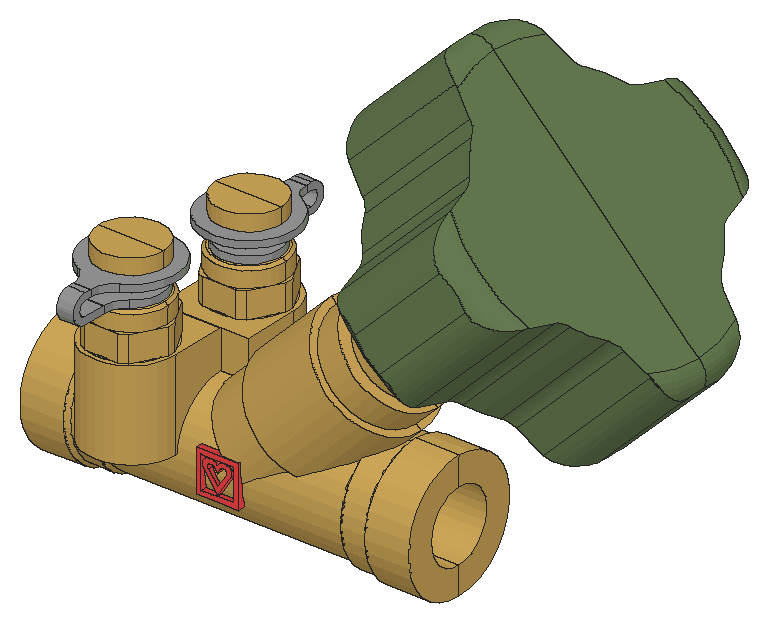
Revit family "Балансировочный клапан с диафрагмой для систем питьевого водоснабжения 4017 MW (LF-MF)", category Rohrzubehör, Revit 2021
Family settings
  Bemaßung runder Anschluss = Durchmesser verwenden
  Teiletyp = Unterbricht
  OmniClass-Nummer = 23.65.55.14
  OmniClass-Titel = Valves for Liquid Services
  Arbeitsebenenbasiert = Nein
  Immer vertikal = Ja
  Beim Laden mit Abzugskörper schneiden = Nein
  Gemeinsam genutzt = Nein
Parameters (values of type "MF")
  Среда = "Питьевая вода"  # constant formula
  Примечание = "В соответствии со статьей 33 Регламента REACH (Registration; Evaluation; Authorisation; Restriction of Chemicals) (EC № 1907/2006) мы обязаны указать, что свинец внесен в список SVHC (Substances of Very High Concern - вещества очень высокой важности) и весовой процент свинца во всех латунных компонентах заводского изготовления в наших изделиях, превышает 0,1 % (w/w) (CAS: 7439-92-1 / EINECS: 231-100-4).\r\nПоскольку свинец является легирующим компонентом сплава, прямое негативное влияние исключается, и поэтому дополнительной информации о безопасном использовании не требуется."
  Область применения = "Для перекрытия трубопроводов и регулирования систем питьевого водоснабжения в зданиях или для гидравлической балансировки водоподающих трубопроводов."
  Номер заказа [instance] = if(and(Nennweite = 15.000 mm, LF), 2401700, if(and(Nennweite = 15.000 mm, MF), 2401709, 0))  # 2401709
  Маховик = "пластик, цвет - зеленый"  # constant formula
  Корпус = "латунь, устойчивая к селективной цинковой коррозии"  # constant formula
  Исполнение = "В соответствии с нормами BS 7350 PN20, серия В, балансировочный клапан с наклонным шпинделем производится из медных сплавов.\r\nВсе металлические части, контактирующие с водой, изготовлены из латуни, устойчивой к селективной цинковой коррозии.\r\nКран-букса - с неподнимающимся шпинделем."
  kvs-значения [instance] = if(and(Nennweite = 15.000 mm, LF), 0.46, if(and(Nennweite = 15.000 mm, MF), 0.88, 0))  # 0.88
  kv-значения диафрагмы [instance] = if(and(Nennweite = 15.000 mm, LF), 0.48, if(and(Nennweite = 15.000 mm, MF), 0.97, 0))  # 0.97
  W01 = 45.00°  # constant formula
  Vorgabe-Ansicht = 0.000 mm
  URL = "www.herz-armaturen.ru"
  SW01 = 60.00°  # constant formula
  SCRNSEQ = "FW;SBT_TYP_FW=\"109\";2"
  SCRNCODE = "04;00;02"  # constant formula
  S03 = 60.000 mm  # constant formula
  S02 [instance] = L04 + L06 + L07  # 76.800 mm
  S01 [instance] = D01 * 2  # 27.000 mm
  R03 = 21.500 mm  # constant formula
  R02 = 9.500 mm  # constant formula
  R01 = 12.000 mm  # constant formula
  O-Ring = "EPDM"  # constant formula
  MF = yes
  LF = no
  L10 [instance] = 28.500 mm  # constant formula
  L09 [instance] = 22.500 mm  # constant formula
  L08 [instance] = 12.700 mm  # constant formula
  L07 [instance] = 35.100 mm  # constant formula
  L06 [instance] = 6.500 mm  # constant formula
  L05 [instance] = 20.200 mm  # constant formula
  L04 [instance] = 35.200 mm  # constant formula
  L03 [instance] = 1.000 mm  # constant formula
  H03 [instance] = H01 - 19.000 mm  # 1.000 mm
  H02 = 13.000 mm  # constant formula
  E01 [instance] = L00 / -2  # -41.500 mm
  E00 = 0.000 mm  # constant formula
  D09 [instance] = 11.750 mm  # constant formula
  D08 [instance] = 9.500 mm  # constant formula
  D07 [instance] = 12.000 mm  # constant formula
  D06 [instance] = 13.500 mm  # constant formula
  D05 [instance] = 12.500 mm  # constant formula
  D04 [instance] = Nennweite / 2  # 7.500 mm
  IG [instance] = Nennweite / 2  # 7.500 mm
  D03 [instance] = 11.900 mm  # constant formula
  D02 [instance] = 12.700 mm  # constant formula
  D01 [instance] = 13.500 mm  # constant formula
  Nennweite [instance] = 15.000 mm  # constant formula
  Макс. перепад давления на закрытом седле = 1000000.0 Pa  # constant formula
  Макс. рабочая температура при 10 бар = 85 °C  # constant formula
  Макс. рабочее давление при 20 °C = 2000000.0 Pa  # constant formula
  L02 [instance] = 5.000 mm  # constant formula
  L01 [instance] = 9.250 mm  # constant formula
  L00 [instance] = 83.000 mm  # constant formula
  Hersteller = "HERZ Armaturen Ges.m.b.H."  # constant formula
  H01 [instance] = 20.000 mm  # constant formula
  GT [instance] = 13.200 mm  # constant formula
  DN15 [instance] = Nennweite = 15.000 mm  # yes
Types (3, lengths in mm): name | Номер заказа | kvs-значения | kv-значения диафрагмы | MF | LF
  (no name) | 2401709 | 0.88 | 0.97 | yes | no
  LF | 2401700 | 0.46 | 0.48 | no | yes
  MF | 2401709 | 0.88 | 0.97 | yes | no
Reference planes
  plane 1 "Mitte (Vorne/hinten)": y = 0
  plane 2: z = 0
  plane 3 "Mitte (Links/rechts)": x = 0
Forms (mm)
  Revolve 1, solid, material "Messing, weicher Gelbton, geschweißt", detail levels fine
    sketch origin (470, 0, 0) x (1, 0, 0) y (0, 0, 1)
      loop
        line (-511.5, 7.5) -> (-498.3, 7.5) -> (-498.3, 0) -> (-441.7, 0) -> (-441.7, 7.5) -> (-428.5, 7.5) -> (-428.5, 13.5) -> (-437.75, 13.5) -> (-438.55, 12.7) -> (-443.55, 12.7) -> (-444.35, 11.9) -> (-495.65, 11.9) -> (-496.45, 12.7) -> (-501.45, 12.7) -> (-502.25, 13.5) -> (-511.5, 13.5) -> (-511.5, 7.5)
      axis (-511.5, 0) -> (-428.5, 0)
    angle from 0 to 360
  Revolve 2, solid, material "Messing, weicher Gelbton, geschweißt", detail levels fine
    sketch origin (0.32, 0, -0.105) x (1, 0, 0) y (0, 0, 1)
      loop
        line (-1.32, 0.105) -> (52.986, 54.411) -> (44.677, 62.719) -> (35.697, 53.739) -> (37.288, 52.148) -> (21.449, 36.309) -> (19.681, 38.076) -> (15.085, 33.48) -> (14.024, 34.541) -> (-0.259, 20.257) -> (0.448, 19.55) -> (-7.098, 12.005) -> (-6.623, 5.408) -> (-1.32, 0.105)
      axis (-1.32, 0.105) -> (52.986, 54.411)
    angle from 0 to 360
  Extrusion 3, solid, material "Messing, weicher Gelbton, geschweißt", detail levels fine
    sketch origin (0, 0, 0) x (1, 0, 0) y (0, 1, 0)
      loop
        arc (-28.5, -12) -> (-19, -21.5) -> (-9.5, -12) r 9.5
        line (-9.5, -12) -> (-9.5, 0) -> (-28.5, 0) -> (-28.5, -12)
    from 1 <- "H03" to 20 <- "H01"
  Extrusion 4, solid, material "Messing, weicher Gelbton, geschweißt", detail levels fine
    sketch origin (0, 0, 0) x (1, 0, 0) y (0, 1, 0)
      loop
        line (-22.5, 12) -> (-22.5, 0) -> (-3.5, 0) -> (-3.5, 12)
        arc (-3.5, 12) -> (-13, 21.5) -> (-22.5, 12) r 9.5
    from 0 to 20 <- "H01"
Lines and regions (mm)
  model lines, detail levels coarse+medium
    curve 1: line (-41.5, 0, 13.5) -> (-41.5, 0, -13.5)
    curve 2: line (-41.5, 0, -13.5) -> (41.5, 0, 13.5)
    curve 3: line (41.5, 0, 13.5) -> (41.5, 0, -13.5)
    curve 4: line (41.5, 0, -13.5) -> (-41.5, 0, 13.5)
    curve 5: line (0, 0, 0) -> (38.4, 0, 66.511)
    curve 6: line (12.419, 0, 81.511) -> (64.381, 0, 51.511)
    curve 7: line (-41.5, -13.5, 0) -> (-41.5, 13.5, 0)
    curve 8: line (-41.5, 13.5, 0) -> (41.5, -13.5, 0)
    curve 9: line (41.5, -13.5, 0) -> (41.5, 13.5, 0)
    curve 10: line (41.5, 13.5, 0) -> (-41.5, -13.5, 0)
    curve 11: line (0, 0, 0) -> (38.4, 66.511, 0)
    curve 12: line (12.419, 81.511, 0) -> (64.381, 51.511, 0)
Dimensions and locks
  "L00": Revolve 1 sketch curve to Revolve 1 sketch curve
  equal spacing: Revolve 1 sketch curve, plane 3 "Mitte (Links/rechts)", Revolve 1 sketch curve
  "D01": Revolve 1 sketch curve to Revolve 1 sketch curve  (x2)
  "GT": Revolve 1 sketch curve to Revolve 1 sketch curve  (x2)
  "D06": Revolve 2 sketch curve to Revolve 2 sketch curve
  "D07": Revolve 2 sketch curve to Revolve 2 sketch curve
  "D08": Revolve 2 sketch curve to Revolve 2 sketch curve
  "D09": Revolve 2 sketch curve to Revolve 2 sketch curve
  equal spacing: curve 1, plane 3 "Mitte (Links/rechts)", curve 3
  "L00": curve 1 to curve 3
  equal spacing: curve 4, plane 2, curve 2
  "S01": curve 4 to curve 1
  "S01": curve 3 to curve 4
  equal spacing: curve 3, plane 2, curve 4
  "S02": curve 5 to curve 5
  equal spacing: curve 6, curve 5, curve 6
  "S03": curve 6 to curve 6
  equal spacing: curve 7, plane 3 "Mitte (Links/rechts)", curve 9
  "L00": curve 7 to curve 9
  equal spacing: curve 10, plane 1 "Mitte (Vorne/hinten)", curve 8
  "S01": curve 8 to curve 10
  equal spacing: curve 9, plane 1 "Mitte (Vorne/hinten)", curve 10
  "S01": curve 10 to curve 9
  "S02": curve 11 to curve 11
  equal spacing: curve 12, curve 11, curve 12
  "S03": curve 12 to curve 12
  "L01": Revolve 1 sketch curve to Revolve 1 sketch curve  (x2)
  "D02": Revolve 1 sketch curve to plane 2  (x2)
  "D03": Revolve 1 sketch curve to plane 2
  "IG": Revolve 1 sketch curve to plane 2  (x2)
  "L02": Revolve 1 sketch curve to Revolve 1 sketch curve  (x2)
  "L04": Revolve 2 sketch curve to Revolve 2 sketch curve
  "L05": Revolve 2 sketch curve to Revolve 2 sketch curve
  "D03": Revolve 2 sketch curve to plane 2
  "L06": Revolve 2 sketch curve to Revolve 2 sketch curve
  "L08": Revolve 2 sketch curve to Revolve 2 sketch curve
  "L07": Revolve 2 sketch curve to Revolve 2 sketch curve
  "D04": Revolve 2 sketch curve to Revolve 2 sketch curve
  "D05": Revolve 2 sketch curve to Revolve 2 sketch curve
  "L03": plane 3 "Mitte (Links/rechts)" to Revolve 2 sketch curve  (x2)
  "D03": nested 1 to plane 1 "Mitte (Vorne/hinten)"
  "L09": Revolve 1 to Extrusion 3 sketch curve
  "R01": Extrusion 3 sketch curve to plane 1 "Mitte (Vorne/hinten)"
  "R01": plane 1 "Mitte (Vorne/hinten)" to Extrusion 4 sketch curve
  "L10": Revolve 1 to Extrusion 4 sketch curve
  "H01": nested 3 to plane 2
  "H01": nested 2 to plane 2
  "R01": nested 3 to plane 1 "Mitte (Vorne/hinten)"
  "R01": plane 1 "Mitte (Vorne/hinten)" to nested 2
  "L10": Revolve 1 to nested 2
  "L09": Revolve 1 to nested 3
  "R02": radius of Extrusion 3 sketch curve
  "R02": radius of Extrusion 4 sketch curve
  "W01": angle level to Revolve 2 sketch curve
  "SW01": angle plane 2 to curve 5
  "SW01": angle plane 1 "Mitte (Vorne/hinten)" to curve 11
  "W01": angle Revolve 1 sketch curve to Revolve 1 sketch curve  (x4)
  "W01": angle plane 2 to Revolve 2 sketch curve
  aligned and locked: level to plane 2
Automatic sketch dimensions
  curve 5 to level = 0.000 mm
  plane 1 "Mitte (Vorne/hinten)" to curve 11 = 0.000 mm
  Revolve 1 sketch curve to level = 0.000 mm  (x2)
  Revolve 1 sketch curve to Revolve 1 sketch curve = 791.990 mm
  Revolve 1 sketch curve to Revolve 1 sketch curve = 2278.983 mm
  Revolve 2 sketch curve to level = 0.000 mm  (x2)
  plane 1 "Mitte (Vorne/hinten)" to Extrusion 3 sketch curve = 0.000 mm
  plane 1 "Mitte (Vorne/hinten)" to Extrusion 4 sketch curve = 0.000 mm
Nested families
  nested 1: "Herz-Logo-vorne" at (0, -11.9, 0) x (0, 1, 0) z (0, 0, 1), type "Herz-Logo-vorne", detail levels fine
  nested 2: "Messstutzen_Band_Austritt_senkrecht_(oben)" at (-13, 12, 2.5), type "Messstutzen_Band_Austritt_senkrecht_(oben)"
    with Schutzkappe yes, Nennweite 0.000 mm, Gewicht 0.00 kg, Bestellnummer 0
  nested 3: "Messstutzen_Band_Eintritt_senkrecht_(oben)" at (-19, -12, 2.5) x (-1, 0, 0) z (0, 0, 1), type "Messstutzen_Band_Eintritt_senkrecht_(oben)"
    with Schutzkappe yes, Nennweite 0.000 mm, Gewicht 0.00 kg, Bestellnummer 0
  nested 4: "Strangregulierventil-Handrad (Grün) DN15-DN32" at (53.306, 0, 54.306), visible <- "DN15", type "Strangregulierventil-Handrad (Grün) DN15-DN32"
    with Nennweite 0.000 mm, Gewicht 0.00 kg, Bestellnummer 0
Connectors
  piping at (-28.3, 0, 0), diameter 15, driven by "Nennweite"
    settings: on Revolve 1, index 1, connector inside diameter 609.6 mm, connector length 0.000 mm, flow factor 0, pipe flow 0.0 L/s, pressure drop 0.0 Pa, fitting loss kfactor 0, connector angle 0.00°, fixture units 0, engagement length 0.000 mm, angle of deflection 0.00°, flow configuration 0, flow direction 1, fitting loss method 0, system type 29, joint type 0, gender type 0, connector reference index -1, connector utility 0, adjustable connector no, is connector primary yes, connector description ""
  piping at (28.3, 0, 0), diameter 15, driven by "Nennweite"
    settings: on Revolve 1, index 2, connector inside diameter 609.6 mm, connector length 0.000 mm, flow factor 0, pipe flow 0.0 L/s, pressure drop 0.0 Pa, fitting loss kfactor 0, connector angle 0.00°, fixture units 0, engagement length 0.000 mm, angle of deflection 0.00°, flow configuration 0, flow direction 2, fitting loss method 0, system type 29, joint type 0, gender type 0, connector reference index -1, connector utility 0, adjustable connector no, is connector primary no, connector description ""
Definition of nested family "Herz-Logo-vorne"
  Parameters (values of type "Herz-Logo-vorne")
    Default Elevation = 0.000 mm
  Reference planes
    plane 1 "Mitte (Vorne/hinten)": y = 0
    plane 2: z = 0
    plane 3 "Mitte (Links/rechts)": x = 0
  Forms (mm)
    Extrusion 1, solid
      sketch origin (0.732, -0.018, 0.017) x (0, -1, 0) y (0, 0, 1)
        loop
          line (-0.018, -4.517) -> (4.482, -4.517) -> (4.482, 4.483) -> (-4.518, 4.483) -> (-4.518, -4.517) -> (-0.018, -4.517)
        loop
          line (-0.05, -3.48) -> (3.482, -3.48) -> (3.482, 3.483) -> (-3.518, 3.483) -> (-3.518, -3.48) -> (-0.05, -3.48)
        loop
          arc (-0.018, 2.383) -> (-1.543, 3.287) -> (-3.067, 2.383) r 1.738
          arc (-3.067, 2.383) -> (-3.191, 1.899) -> (-3.067, 1.415) r 1.009
          line (-3.067, 1.415) -> (-0.018, -3.281) -> (3.032, 1.415)
          arc (3.032, 1.415) -> (3.156, 1.899) -> (3.032, 2.383) r 1.009
          arc (3.032, 2.383) -> (1.507, 3.287) -> (-0.018, 2.383) r 1.738
        loop
          arc (1.885, 1.272) -> (2.005, 1.675) -> (1.885, 2.079) r 0.74
          arc (1.885, 2.079) -> (1.265, 2.416) -> (0.644, 2.079) r 0.74
          line (0.644, 2.079) -> (-0.018, 0.97) -> (-0.679, 2.079)
          arc (-0.679, 2.079) -> (-1.3, 2.416) -> (-1.921, 2.079) r 0.74
          arc (-1.921, 2.079) -> (-2.04, 1.675) -> (-1.921, 1.272) r 0.74
          line (-1.921, 1.272) -> (-0.018, -1.658) -> (1.885, 1.272)
      from 0 to 1.5
  Dimensions and locks
    aligned and locked: level to plane 2
Definition of nested family "Messstutzen_Band_Austritt_senkrecht_(oben)"
  Parameters (values of type "Messstutzen_Band_Austritt_senkrecht_(oben)")
    Default Elevation = 0.000 mm
    URL = "www.herz-armaturen.at"
    Schutzkappe [instance] = yes
    Nennweite [instance] = 0.000 mm
    Manufacturer = "Herz Armaturen GmbH"  # constant formula
    Gewicht [instance] = 0.00 kg
    Bestellnummer [instance] = 0
  Reference planes
    plane 1 "Mitte (Vorne/hinten)": y = 0
    plane 2: z = 0
    plane 3 "Mitte (Links/rechts)": x = 0
    plane 4 "Schlaufe 1": z = -27
    plane 5 "Schlaufe 2": z = -31.678
  Forms (mm)
    Revolve 1, solid, detail levels fine
      sketch origin (0, 0, 0) x (1, 0, 0) y (0, 0, 1)
        loop
          line (-7.4, 9) -> (-5.55, 9) -> (-5.55, 6)
          arc (-5.55, 6) -> (-5.626, 5.617) -> (-5.843, 5.293) r 1
          line (-5.843, 5.293) -> (-6.455, 4.681) -> (-6.455, 0.9) -> (-5.555, 0) -> (-2, 0) -> (-2, 17.5) -> (-8.4, 17.5)
          arc (-8.4, 17.5) -> (-7.693, 17.207) -> (-7.4, 16.5) r 1
          line (-7.4, 16.5) -> (-7.4, 9)
        loop
          line (-3.7, 27) -> (-7.3, 27) -> (-7.9, 26.4) -> (-7.9, 23) -> (-2, 23) -> (-2, 35.8) -> (-3.805, 35.8) -> (-4.415, 35.19) -> (-4.415, 30.863) -> (-3.7, 30.45) -> (-3.7, 27)
        axis (0, 0) -> (0, 35.8)
      angle from 0 to 360
    Extrusion 2, solid, detail levels fine
      sketch origin (0, 0, 17.5) x (0, 1, 0) y (-1, 0, 0)
        loop
          arc (-7.07, 5.156) -> (-7.578, 4.375) -> (-8, 3.544) r 8.75
          line (-8, 3.544) -> (-8, -3.544)
          arc (-8, -3.544) -> (-7.578, -4.375) -> (-7.07, -5.156) r 8.75
          line (-7.07, -5.156) -> (-0.93, -8.7)
          arc (-0.93, -8.7) -> (0, -8.75) -> (0.93, -8.7) r 8.75
          line (0.93, -8.7) -> (7.07, -5.156)
          arc (7.07, -5.156) -> (7.578, -4.375) -> (8, -3.544) r 8.75
          line (8, -3.544) -> (8, 3.544)
          arc (8, 3.544) -> (7.578, 4.375) -> (7.07, 5.156) r 8.75
          line (7.07, 5.156) -> (0.93, 8.7)
          arc (0.93, 8.7) -> (0, 8.75) -> (-0.93, 8.7) r 8.75
          line (-0.93, 8.7) -> (-7.07, 5.156)
      from 0 to 5.5
    Revolve 3, solid, visible <- "Schutzkappe", detail levels fine
      sketch origin (0, 0, 0) x (1, 0, 0) y (0, 0, 1)
        loop
          line (0, 35.878) -> (0, 36.678) -> (-7, 36.678) -> (-7, 33.378) -> (-6.1, 33.378) -> (-6.1, 31.678) -> (-6.9, 31.678) -> (-6.9, 30.178) -> (-4.415, 30.178) -> (-4.415, 35.268) -> (-3.805, 35.878) -> (0, 35.878)
        axis (0, 30.178) -> (0, 36.678)
      angle from 0 to 360
    Extrusion 4, solid, detail levels fine
      sketch origin (0, 0, 28.5) x (1, 0, 0) y (0, 1, 0)
        loop
          circle (0, 0) r 3.7
        loop
          arc (-3.906, 5.505) -> (0, -6.75) -> (3.906, 5.505) r 6.75
          arc (3.906, 5.505) -> (2.358, 7.288) -> (1.8, 9.582) r 5
          line (1.8, 9.582) -> (-1.8, 9.582)
          arc (-1.8, 9.582) -> (-2.358, 7.288) -> (-3.906, 5.505) r 5
      from 0 to -1.5
    Extrusion 5, solid, detail levels fine
      sketch origin (0, 0, 33.178) x (1, 0, 0) y (0, 1, 0)
        loop
          circle (0, 0) r 6.1
        loop
          arc (-4.495, 8.652) -> (0, -9.75) -> (4.495, 8.652) r 9.75
          arc (4.495, 8.652) -> (2.527, 10.493) -> (1.8, 13.089) r 5
          line (1.8, 13.089) -> (-1.8, 13.089)
          arc (-1.8, 13.089) -> (-2.527, 10.493) -> (-4.495, 8.652) r 5
      from 0 to -1.5
    Sweep 6, solid, detail levels fine
      path origin (0, 0, 0) x (0, 0, -1) y (0, -1, 0)
        loop
          line (-27.75, -9.582) -> (-27.75, -14.522)
          arc (-27.75, -14.522) -> (-30.089, -16.862) -> (-32.428, -14.522) r 2.339
          line (-32.428, -14.522) -> (-32.428, -13.089)
      profile origin (0, 12.052, 27.75) x (0, 0, 1) y (1, 0, 0)
        loop
          line (-0.75, -1.8) -> (0.75, -1.8) -> (0.75, 1.8) -> (-0.75, 1.8) -> (-0.75, -1.8)
  Dimensions and locks
    aligned and locked: level to plane 2
Definition of nested family "Messstutzen_Band_Eintritt_senkrecht_(oben)"
  Parameters (values of type "Messstutzen_Band_Eintritt_senkrecht_(oben)")
    Default Elevation = 0.000 mm
    URL = "www.herz-armaturen.at"
    Schutzkappe [instance] = yes
    Nennweite [instance] = 0.000 mm
    Manufacturer = "Herz Armaturen GmbH"  # constant formula
    Gewicht [instance] = 0.00 kg
    Bestellnummer [instance] = 0
  Reference planes
    plane 1 "Mitte (Vorne/hinten)": y = 0
    plane 2: z = 0
    plane 3 "Mitte (Links/rechts)": x = 0
    plane 4 "Schlaufe 1": z = -27
    plane 5 "Schlaufe 2": z = -31.678
  Forms (mm)
    Revolve 1, solid, detail levels fine
      sketch origin (0, 0, 0) x (1, 0, 0) y (0, 0, 1)
        loop
          line (-7.4, 9) -> (-5.55, 9) -> (-5.55, 6)
          arc (-5.55, 6) -> (-5.626, 5.617) -> (-5.843, 5.293) r 1
          line (-5.843, 5.293) -> (-6.455, 4.681) -> (-6.455, 0.9) -> (-5.555, 0) -> (-2, 0) -> (-2, 17.5) -> (-8.4, 17.5)
          arc (-8.4, 17.5) -> (-7.693, 17.207) -> (-7.4, 16.5) r 1
          line (-7.4, 16.5) -> (-7.4, 9)
        loop
          line (-3.7, 27) -> (-7.3, 27) -> (-7.9, 26.4) -> (-7.9, 23) -> (-2, 23) -> (-2, 35.8) -> (-3.805, 35.8) -> (-4.415, 35.19) -> (-4.415, 30.863) -> (-3.7, 30.45) -> (-3.7, 27)
        axis (0, 0) -> (0, 35.8)
      angle from 0 to 360
    Extrusion 2, solid, detail levels fine
      sketch origin (0, 0, 17.5) x (0, 1, 0) y (-1, 0, 0)
        loop
          arc (-7.07, 5.156) -> (-7.578, 4.375) -> (-8, 3.544) r 8.75
          line (-8, 3.544) -> (-8, -3.544)
          arc (-8, -3.544) -> (-7.578, -4.375) -> (-7.07, -5.156) r 8.75
          line (-7.07, -5.156) -> (-0.93, -8.7)
          arc (-0.93, -8.7) -> (0, -8.75) -> (0.93, -8.7) r 8.75
          line (0.93, -8.7) -> (7.07, -5.156)
          arc (7.07, -5.156) -> (7.578, -4.375) -> (8, -3.544) r 8.75
          line (8, -3.544) -> (8, 3.544)
          arc (8, 3.544) -> (7.578, 4.375) -> (7.07, 5.156) r 8.75
          line (7.07, 5.156) -> (0.93, 8.7)
          arc (0.93, 8.7) -> (0, 8.75) -> (-0.93, 8.7) r 8.75
          line (-0.93, 8.7) -> (-7.07, 5.156)
      from 0 to 5.5
    Revolve 3, solid, visible <- "Schutzkappe", detail levels fine
      sketch origin (0, 0, 0) x (1, 0, 0) y (0, 0, 1)
        loop
          line (0, 35.878) -> (0, 36.678) -> (-7, 36.678) -> (-7, 33.378) -> (-6.1, 33.378) -> (-6.1, 31.678) -> (-6.9, 31.678) -> (-6.9, 30.178) -> (-4.415, 30.178) -> (-4.415, 35.268) -> (-3.805, 35.878) -> (0, 35.878)
        axis (0, 30.178) -> (0, 36.678)
      angle from 0 to 360
    Extrusion 4, solid, detail levels fine
      sketch origin (0, 0, 28.5) x (1, 0, 0) y (0, 1, 0)
        loop
          circle (0, 0) r 3.7
        loop
          arc (-3.906, 5.505) -> (0, -6.75) -> (3.906, 5.505) r 6.75
          arc (3.906, 5.505) -> (2.358, 7.288) -> (1.8, 9.582) r 5
          line (1.8, 9.582) -> (-1.8, 9.582)
          arc (-1.8, 9.582) -> (-2.358, 7.288) -> (-3.906, 5.505) r 5
      from 0 to -1.5
    Extrusion 5, solid, detail levels fine
      sketch origin (0, 0, 33.178) x (1, 0, 0) y (0, 1, 0)
        loop
          circle (0, 0) r 6.1
        loop
          arc (-4.495, 8.652) -> (0, -9.75) -> (4.495, 8.652) r 9.75
          arc (4.495, 8.652) -> (2.527, 10.493) -> (1.8, 13.089) r 5
          line (1.8, 13.089) -> (-1.8, 13.089)
          arc (-1.8, 13.089) -> (-2.527, 10.493) -> (-4.495, 8.652) r 5
      from 0 to -1.5
    Sweep 6, solid, detail levels fine
      path origin (0, 0, 0) x (0, 0, -1) y (0, -1, 0)
        loop
          line (-27.75, -9.582) -> (-27.75, -14.522)
          arc (-27.75, -14.522) -> (-30.089, -16.862) -> (-32.428, -14.522) r 2.339
          line (-32.428, -14.522) -> (-32.428, -13.089)
      profile origin (0, 12.052, 27.75) x (0, 0, 1) y (1, 0, 0)
        loop
          line (-0.75, -1.8) -> (0.75, -1.8) -> (0.75, 1.8) -> (-0.75, 1.8) -> (-0.75, -1.8)
  Dimensions and locks
    aligned and locked: level to plane 2
Definition of nested family "Strangregulierventil-Handrad (Grün) DN15-DN32"
  Parameters (values of type "Strangregulierventil-Handrad (Grün) DN15-DN32")
    Default Elevation = 0.000 mm
    URL = "www.herz-armaturen.at"
    Nennweite [instance] = 0.000 mm
    Manufacturer = "Herz Armaturen GmbH"  # constant formula
    Gewicht [instance] = 0.00 kg
    Bestellnummer [instance] = 0
  Reference planes
    plane 1 "Mitte (Vorne/hinten)": y = 0
    plane 2: z = 0
    plane 3 "Mitte (Links/rechts)": x = 0
  Forms (mm)
    Revolve 1, solid, detail levels fine
      sketch origin (0, 0, 0) x (0.707107, 0, -0.707107) y (0.707107, 0, 0.707107)
        loop
          line (0, 0) -> (0, 24.95) -> (-30.992, 24.95)
          arc (-30.992, 24.95) -> (-34.37, 23.636) -> (-35.973, 20.386) r 5
          line (-35.973, 20.386) -> (-37, 8.65) -> (-35.986, -2.936)
          arc (-35.986, -2.936) -> (-34.383, -6.186) -> (-31.005, -7.5) r 5
          line (-31.005, -7.5) -> (-15, -7.5) -> (-15, 0) -> (0, 0)
        axis (0, 24.95) -> (0, -7.5)
      angle from 0 to 360
    Extrusion 2, void
      sketch origin (14.354, 0, 14.354) x (0.707107, 0, -0.707107) y (0, 1, 0)
        loop
          line (3.861, 35.5) -> (-3.861, 35.5)
          arc (-3.861, 35.5) -> (-8.731, 33.847) -> (-11.589, 29.571) r 8
          line (-11.589, 29.571) -> (-13.284, 23.245)
          arc (-13.284, 23.245) -> (-13.982, 21.722) -> (-15.144, 20.516) r 5
          arc (-15.144, 20.516) -> (-18.031, 18.031) -> (-20.516, 15.144) r 25.5
          arc (-20.516, 15.144) -> (-21.722, 13.982) -> (-23.245, 13.284) r 5
          line (-23.245, 13.284) -> (-29.571, 11.589)
          arc (-29.571, 11.589) -> (-33.847, 8.731) -> (-35.5, 3.861) r 8
          line (-35.5, 3.861) -> (-35.5, -3.861)
          arc (-35.5, -3.861) -> (-33.847, -8.731) -> (-29.571, -11.589) r 8
          line (-29.571, -11.589) -> (-23.245, -13.284)
          arc (-23.245, -13.284) -> (-21.722, -13.982) -> (-20.516, -15.144) r 5
          arc (-20.516, -15.144) -> (-18.031, -18.031) -> (-15.144, -20.516) r 25.5
          arc (-15.144, -20.516) -> (-13.982, -21.722) -> (-13.284, -23.245) r 5
          line (-13.284, -23.245) -> (-11.589, -29.571)
          arc (-11.589, -29.571) -> (-8.731, -33.847) -> (-3.861, -35.5) r 8
          line (-3.861, -35.5) -> (3.861, -35.5)
          arc (3.861, -35.5) -> (8.731, -33.847) -> (11.589, -29.571) r 8
          line (11.589, -29.571) -> (13.284, -23.245)
          arc (13.284, -23.245) -> (13.982, -21.722) -> (15.144, -20.516) r 5
          arc (15.144, -20.516) -> (18.031, -18.031) -> (20.516, -15.144) r 25.5
          arc (20.516, -15.144) -> (21.722, -13.982) -> (23.245, -13.284) r 5
          line (23.245, -13.284) -> (29.571, -11.589)
          arc (29.571, -11.589) -> (33.847, -8.731) -> (35.5, -3.861) r 8
          line (35.5, -3.861) -> (35.5, 3.861)
          arc (35.5, 3.861) -> (33.847, 8.731) -> (29.571, 11.589) r 8
          line (29.571, 11.589) -> (23.245, 13.284)
          arc (23.245, 13.284) -> (21.722, 13.982) -> (20.516, 15.144) r 5
          arc (20.516, 15.144) -> (18.031, 18.031) -> (15.144, 20.516) r 25.5
          arc (15.144, 20.516) -> (13.982, 21.722) -> (13.284, 23.245) r 5
          line (13.284, 23.245) -> (11.589, 29.571)
          arc (11.589, 29.571) -> (8.731, 33.847) -> (3.861, 35.5) r 8
        loop
          circle (0, 0) r 38
      from -31.266 to 7.923
  Cuts and joins
    Extrusion 2 cuts Revolve 1
  Dimensions and locks
    Revolve 1 sketch curve to Revolve 1 sketch curve = 15.000 mm
    Revolve 1 sketch curve to Revolve 1 sketch curve = 16.150 mm
    Revolve 1 sketch curve to Revolve 1 sketch curve = 16.300 mm
    angle Revolve 1 sketch curve to Revolve 1 sketch curve = 95.00°
    aligned and locked: level to plane 2
